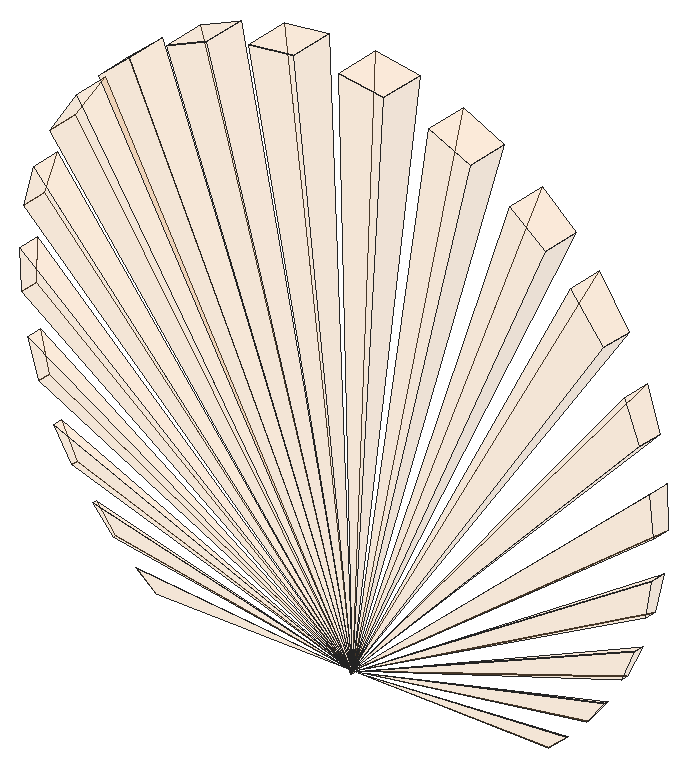
Revit family "Wall_Sensor-PIR-HCS-Switch", category Lighting Devices, host Face, Revit 2021
Family settings
  Host = Face
  Maintain Annotation Orientation = No
  Round Connector Dimension = Use Diameter
  Part Type = Normal
  OmniClass Number = 23.85.80.11.27
  OmniClass Title = Lighting Controls
  Cut with Voids When Loaded = No
  Shared = No
  Room Calculation Point = No
Parameters (values of type "LHIRS1")
  zz YesNo 2 = yes
  zz YesNo 1 = no
  zz Length 4 = 2.57"
  zz Length 3 = 1.70"
  zz Length 2 = 4.13"
  zz Length 1 = 1.72"
  Weight = 0.082 kg  # constant formula
  Wattage = 800 VA
  Warranty = "Five-year limited"  # constant formula
  Voltage = 120 V
  URL = "https://www.currentlighting.com/nxlightingcontrols"
  Type Comments = "Lighting Device"  # constant formula
  Time Delay = "4-30 minutes, self-adapts based on occupancy; Fixed mode: 4, 8, 15, and 30 minutes;Test mode: 5 seconds"  # constant formula
  Product Page URL = ""
  Product Material = Plastic -  Light Almond
  Product Documentation Link = ""
  Power Factor = 1
  Photocell = "Natural light override range: 10-500 foot-candles"  # constant formula
  Passive Infrared = "Dual-element pyrometer and 12-element cylindrical RhinoTuff lens"  # constant formula
  PIR Motion [instance] = yes
  Operating Temperature = "32° – 104°F (0° – 40°C)\r"  # constant formula
  Operating Mode = "Single Relay, One Button"
  Number of Poles = 1
  Mounting = "Single-gang NEMA-style switch box, Decorator-style wall plate sold separately"  # constant formula
  Model = "LHIRS1"
  Manufacturer = " NX Lighting Controls"  # constant formula
  Load Classification = Lighting
  Frequency = 60 Hz
  Electrical Ratings = "120VAC; 277VAC; 347VAC"  # constant formula
  Description = "LightHAWK®2 Passive Infrared Wall Switch Sensor"  # constant formula
  Default Elevation = 48.00"
  Coverage = "1,000 square-foot, 180° coverage area"  # constant formula
  Copyright = "Copyright © NX Lighting Controls"  # constant formula
  Contact Us = ""
  Connector Description 2 = "Controls"  # constant formula
  Connector Description 1 = "Power Supply"  # constant formula
  Certifications = "Listed UL and cUL"  # constant formula
  Assembly Code = "D5020120"
  Ambient Humidity Range = "0% to 95% Relative Humidity (non-condensing)"  # constant formula
Types (6): name | zz YesNo 2 | zz YesNo 1 | Operating Mode | Model
  LHIRS0 | no | no | "Single Relay, No Buttons" | "LHIRS0"
  LHIRS1 | yes | no | "Single Relay, One Button" | "LHIRS1"
  LHIRD0 | no | no | "Dual Relay(One Input / Two Outputs), No Buttons" | "LHIRD0"
  LHIRD2 | yes | yes | "Dual Relay(One Input / Two Outputs), Two Buttons" | "LHIRD2"
  LHDCIRD0 | no | no | "Dual Circuit(Two Inputs / Two Outputs), No Buttons" | "LHDCIRD0"
  LHDCIRD2 | yes | yes | "Dual Circuit(Two Inputs / Two Outputs), Two Buttons" | "LHDCIRD2"
Reference planes (in)
  plane 1 "Center (Front/Back)": y = 0
  plane 2: z = 0
  plane 3 "Center (Left/Right)": x = 0
  plane 4: x = -0.86
  plane 5: x = 0.86
  plane 6: y = 1.285
  plane 7: y = -1.285
  plane 8: x = 0.40844
  plane 9: x = -0.40844
  plane 10: y = 1.13865
  plane 11: y = 0.26347
  plane 12: y = -1.35
  plane 13: y = 1.35
  plane 14: z = 0.04
  plane 15: z = 0.57
  plane 16: x = 0.57326
  plane 17: x = -0.57326
  plane 18: y = -0.81751
  plane 19: y = -0.87944
  plane 20: z = -1.13
  plane 21: y = -0.45397
  plane 22: y = -0.246
  plane 23: y = -0.16212
  plane 24: y = 0.04585
  plane 25: x = 1.25
  plane 26: x = -1.25
  plane 27: y = 2
  plane 28: y = -2
  plane 29: z = 0.28666
  plane 30: x = -0.06
  plane 31: x = 0.06
Forms (in)
  Blend 1, solid, material "Plastic -  Light Almond" <- "Product Material"
    base sketch origin (0, 0, 0) x (1, 0, 0) y (0, 1, 0)
      loop
        line (-0.86, 1.35) -> (-0.86, -1.35) -> (0.86, -1.35) -> (0.86, 1.35) -> (-0.86, 1.35)
    top sketch origin (0, 0, 0) x (1, 0, 0) y (0, 1, 0)
      loop
        line (-0.65844, 1.285) -> (-0.65844, -1.285) -> (0.65844, -1.285) -> (0.65844, 1.285) -> (-0.65844, 1.285)
    from 0 to 0.57
  Extrusion 2, void
    sketch origin (0, 0, 0) x (1, 0, 0) y (0, 1, 0)
      loop
        line (-0.06, -0.81751) -> (-0.06, -0.87944) -> (0.06, -0.87944) -> (0.06, -0.81751) -> (-0.06, -0.81751)
    from 0.04 to 0.57
  Extrusion 3, solid, material "Plastic -  Light Almond" <- "Product Material"
    sketch origin (0, 0, 0) x (1, 0, 0) y (0, 0, 1)
      loop
        line (-0.86, 0) -> (-0.86, -1.13) -> (0.86, -1.13) -> (0.86, 0) -> (-0.86, 0)
    from -1.35 to 1.35
  Blend 4, solid, material "Plastic -  Light Almond" <- "Product Material"
    base sketch origin (0, 0, 0) x (1, 0, 0) y (0, 1, 0)
      loop
        line (-0.75844, 1.31875) -> (-0.75844, -1.31875) -> (0.75844, -1.31875) -> (0.75844, 1.31875) -> (-0.75844, 1.31875)
    top sketch origin (0, 0, 0) x (1, 0, 0) y (0, 1, 0)
      loop
        line (-1.25, 2) -> (-1.25, -2) -> (1.25, -2) -> (1.25, 2) -> (-1.25, 2)
    from 0.28666 to 0
Cuts and joins
  Extrusion 2 cuts Blend 1
Lines and regions (in)
  model lines, style "Model"
    curve 1: line (-0.40844, 1.13865, 0.57) -> (0.40844, 1.13865, 0.57)
    curve 2: line (0.40844, 0.26347, 0.57) -> (-0.40844, 0.26347, 0.57)
    curve 3: line (0.40844, 1.13865, 0.57) -> (0.40844, 0.26347, 0.57)
    curve 65: line (-0.40844, 1.13865, 0.57) -> (-0.40844, 0.26347, 0.57)
  model lines, style "Model", visible <- "zz YesNo 1"
    curve 4: line (-0.40844, 0.04585, 0.57) -> (0.40844, 0.04585, 0.57)
    curve 5: line (0.40844, -0.16212, 0.57) -> (-0.40844, -0.16212, 0.57)
    curve 6: line (0.40844, 0.04585, 0.57) -> (0.40844, -0.16212, 0.57)
    curve 66: line (-0.40844, -0.16212, 0.57) -> (-0.40844, 0.04585, 0.57)
  symbolic lines, style "Symbolic Lines"
    curve 7: line (0.86, 1.35, 0) -> (0.40844, 1.35, 0)
    curve 8: line (0.86, -1.35, 0) -> (0.86, 1.35, 0)
    curve 9: line (-0.86, 1.35, 0) -> (-0.86, -1.35, 0)
    curve 10: line (-0.40844, 1.35, 0) -> (-0.86, 1.35, 0)
    curve 11: line (0.40844, -1.35, 0) -> (0.86, -1.35, 0)
    curve 12: line (-0.40844, -1.35, 0) -> (-0.86, -1.35, 0)
    curve 13: line (0.86, 0, -1.13) -> (0.86, 0, 0)
    curve 14: line (-0.86, 0, 0) -> (-0.86, 0, -1.13)
    curve 15: line (-0.86, 0, -1.13) -> (0.86, 0, -1.13)
    curve 16: line (0.40844, 0, 0.57) -> (-0.40844, 0, 0.57)
    curve 17: arc (0.40844, 0, 0.57) -> (0.59136, 0, 0.52027) -> (0.72393, 0, 0.38478) r 0.36131
    curve 18: line (-0.72393, 0, 0.38478) -> (-0.86, 0, 0)
    curve 19: line (0.72393, 0, 0.38478) -> (0.86, 0, 0)
    curve 20: line (0, -1.35, -1.13) -> (0, 1.35, -1.13)
    curve 21: line (0, -1.35, 0) -> (0, -1.35, -1.13)
    curve 22: line (0, 1.35, -1.13) -> (0, 1.35, 0)
    curve 23: line (0, 1.35, 0) -> (0, 1.74291, 0)
    curve 24: line (0, 1.74291, 0) -> (0, 2.07051, 0)
    curve 25: line (0, -1.61273, 0) -> (0, -1.35, 0)
    curve 26: line (0, -1.94034, 0) -> (0, -1.61273, 0)
    curve 27: line (0, 2.07051, 0) -> (0, 1.74291, 0)
    curve 28: line (0, 1.74291, 0) -> (0, 1.35, 0)
    curve 29: line (0, -1.35, 0) -> (0, -1.61273, 0)
    curve 30: line (0, -1.61273, 0) -> (0, -1.94034, 0)
    curve 31: line (0, -0.58465, 0.57) -> (0, -0.58465, 0.53036)
    curve 32: line (0, -0.58465, 0.53036) -> (0, -0.6664, 0.53036)
    curve 33: line (0, -0.6664, 0.53036) -> (0, -0.6664, 0.57)
    curve 34: line (0, -0.71099, 0.57) -> (0, -0.71099, 0.53036)
    curve 35: line (0, -0.71099, 0.53036) -> (0, -0.77292, 0.53036)
    curve 36: line (0, -0.77292, 0.53036) -> (0, -0.77292, 0.57)
    curve 37: line (0, -0.81751, 0.53036) -> (0, -0.87944, 0.53036)
    curve 38: line (0, -0.87944, 0.53036) -> (0, -0.87944, 0.57)
    curve 39: line (0, -0.91659, 0.57) -> (0, -0.91659, 0.53036)
    curve 40: line (0, -1.01816, 0.53036) -> (0, -1.08504, 0.53036)
    curve 41: line (0, -1.01816, 0.57) -> (0, -1.01816, 0.53036)
    curve 42: line (0, -1.08504, 0.53036) -> (0, -1.08504, 0.57)
    curve 43: line (0, -0.58465, 0.57) -> (0, 1.285, 0.57)
    curve 44: line (0, -1.285, 0.57) -> (0, -1.08504, 0.57)
    curve 45: line (0, -1.01816, 0.57) -> (0, -0.981, 0.57)
    curve 46: line (0, -0.91659, 0.57) -> (0, -0.87944, 0.57)
    curve 47: line (0, -0.81751, 0.57) -> (0, -0.77292, 0.57)
    curve 48: line (0, -0.71099, 0.57) -> (0, -0.6664, 0.57)
    curve 49: line (0, 1.285, 0.57) -> (0, 1.35, 0)
    curve 50: line (0, -1.285, 0.57) -> (0, -1.35, 0)
    curve 54: line (-0.86, 1.35, 0) -> (0.86, 1.35, 0)
    curve 55: line (-0.86, -1.35, 0) -> (-0.86, 1.35, 0)
    curve 56: line (0.86, -1.35, 0) -> (-0.86, -1.35, 0)
    curve 57: line (0.86, 1.35, 0) -> (0.86, -1.35, 0)
    curve 64: arc (-0.40844, 0, 0.57) -> (-0.59136, 0, 0.52027) -> (-0.72393, 0, 0.38478) r 0.36131
    curve 71: line (-1.25, 2, 0) -> (1.25, 2, 0)
    curve 72: line (-1.25, -2, 0) -> (-1.25, 2, 0)
    curve 73: line (1.25, -2, 0) -> (-1.25, -2, 0)
    curve 74: line (1.25, 2, 0) -> (1.25, -2, 0)
  model lines, style "Model", visible <- "zz YesNo 2"
    curve 51: line (-0.40844, -0.246, 0.57) -> (0.40844, -0.246, 0.57)
    curve 52: line (0.40844, -0.45397, 0.57) -> (-0.40844, -0.45397, 0.57)
    curve 53: line (0.40844, -0.246, 0.57) -> (0.40844, -0.45397, 0.57)
    curve 67: line (-0.40844, -0.246, 0.57) -> (-0.40844, -0.45397, 0.57)
  reference lines
    curve 58: line (-0.73803, 0, 0.57) -> (-0.73803, 0, 0.36887)
    curve 59: line (-0.73803, 0, 0.57) -> (-0.40844, 0, 0.57)
    curve 60: arc (-0.73803, 0, 0.36887) -> (-0.60149, 0, 0.51575) -> (-0.40844, 0, 0.57) r 0.37062
    curve 61: line (0.73803, 0, 0.57) -> (0.73803, 0, 0.36887)
    curve 62: line (0.73803, 0, 0.57) -> (0.40844, 0, 0.57)
    curve 63: arc (0.73803, 0, 0.36887) -> (0.60149, 0, 0.51575) -> (0.40844, 0, 0.57) r 0.37062
  symbolic lines
    curve 68: line (0, -0.91659, 0.53036) -> (0, -0.981, 0.53036)
    curve 69: line (0, -0.981, 0.53036) -> (0, -0.981, 0.57)
    curve 70: line (0, -0.81751, 0.53036) -> (0, -0.81751, 0.57)
    curve 79: line (1.25, 0, 0) -> (-1.25, 0, 0)
    curve 80: line (-1.25, 0, 0) -> (-0.75868, 0, 0.28651)
    curve 81: line (1.25, 0, 0) -> (0.75868, 0, 0.28651)
  symbolic lines, style "Symbolic Lines", detail levels fine
    curve 75: line (-0.86, 1.35, 0) -> (-1.25, 2, 0)
    curve 76: line (0.86, 1.35, 0) -> (1.25, 2, 0)
    curve 77: line (-0.86, -1.35, 0) -> (-1.25, -2, 0)
    curve 78: line (0.86, -1.35, 0) -> (1.25, -2, 0)
Dimensions and locks (in)
  "zz Length 1": plane 4 to plane 5
  equal spacing: plane 6, plane 1 "Center (Front/Back)", plane 7
  "zz Length 4": plane 6 to plane 7
  locked: plane 14 to level at 0.04
  locked: plane 15 to plane 14 at 0.53
  "zz Length 3": plane 15 to plane 20
  equal spacing: plane 4, plane 3 "Center (Left/Right)", plane 5
  plane 17 to plane 9 to plane 3 "Center (Left/Right)" to plane 8 to plane 16 = 0.16482" locked, 0.40844" locked, 0.40844" locked, 0.16482" locked
  locked: plane 18 to plane 19 at 0.06193
  plane 1 "Center (Front/Back)" to plane 11 to plane 10 to plane 6 to plane 13 = 0.26347", 0.87519", 0.14635", 0.065"
  plane 24 to plane 23 to plane 22 to plane 21 = 0.20797" locked, 0.08388" locked, 0.20797" locked
  plane 13 to plane 1 "Center (Front/Back)" to plane 12 = 1.35" locked, 1.35" locked
  equal spacing: plane 26, plane 3 "Center (Left/Right)", plane 25, locked at 1.25 each
  equal spacing: plane 27, plane 1 "Center (Front/Back)", plane 28, locked at 2 each
  locked: plane 29 to plane 2 at 0.28666
  locked: plane 30 to plane 31 at 0.12
  aligned and locked: plane 2 to host face
  aligned and locked: level to host face
  aligned and locked: Blend 1 sketch curve to plane 6
  aligned and locked: Blend 1 sketch curve to plane 7
  aligned and locked: plane 15 to Blend 1
  aligned and locked: curve 1 to plane 10
  aligned and locked: plane 11 to curve 2
  aligned and locked: plane 8 to curve 6
  aligned and locked: Extrusion 2 sketch curve to plane 18
  aligned and locked: plane 19 to Extrusion 2 sketch curve
  aligned and locked: plane 8 to curve 3
  aligned and locked: plane 20 to Extrusion 3 sketch curve
  aligned and locked: plane 5 to Extrusion 3 sketch curve
  aligned and locked: plane 13 to Extrusion 3
  aligned and locked: plane 12 to Extrusion 3
  aligned and locked: nested 1 to plane 1 "Center (Front/Back)"
  aligned and locked: plane 3 "Center (Left/Right)" to nested 1
  aligned and locked: plane 5 to Blend 1 sketch curve
  aligned and locked: Blend 1 sketch curve to plane 12
  aligned and locked: plane 4 to Blend 1 sketch curve
  aligned and locked: Blend 1 sketch curve to plane 13
  aligned and locked: Extrusion 3 to plane 4
  aligned and locked: Extrusion 3 to plane 20
  aligned and locked: Extrusion 3 to plane 5
  aligned and locked: host face to Extrusion 3
  aligned and locked: plane 12 to curve 11
  aligned and locked: curve 12 to plane 12
  aligned and locked: cut or joined group of Blend 1, Extrusion 2 to curve 18
  aligned and locked: curve 19 to cut or joined group of Blend 1, Extrusion 2
  aligned and locked: plane 15 to curve 43
  aligned and locked: curve 44 to cut or joined group of Blend 1, Extrusion 2
  aligned and locked: curve 46 to plane 15
  aligned and locked: curve 47 to plane 15
  aligned and locked: curve 48 to plane 15
  aligned and locked: plane 15 to curve 45
  aligned and locked: curve 49 to cut or joined group of Blend 1, Extrusion 2
  aligned and locked: cut or joined group of Blend 1, Extrusion 2 to curve 50
  aligned and locked: Blend 1 to level
  aligned and locked: plane 21 to curve 52
  aligned and locked: plane 22 to curve 51
  aligned and locked: plane 23 to curve 5
  aligned and locked: plane 24 to curve 4
  aligned and locked: plane 5 to curve 57
  aligned and locked: curve 54 to plane 13
  aligned and locked: curve 56 to plane 12
  aligned and locked: plane 4 to curve 55
  aligned and locked: curve 65 to plane 9
  aligned and locked: plane 9 to curve 66
  aligned and locked: curve 67 to plane 9
  aligned and locked: plane 8 to curve 53
  aligned and locked: curve 13 to plane 5
  aligned and locked: curve 70 to plane 18
  aligned and locked: curve 38 to plane 19
  aligned and locked: curve 22 to plane 13
  aligned and locked: plane 20 to curve 20
  aligned and locked: curve 21 to plane 12
  aligned and locked: plane 29 to Blend 4
  aligned and locked: Blend 4 to plane 2
  aligned and locked: plane 26 to Blend 4 sketch curve
  aligned and locked: Blend 4 sketch curve to plane 27
  aligned and locked: plane 25 to Blend 4 sketch curve
  aligned and locked: Blend 4 sketch curve to plane 28
  aligned and locked: curve 71 to Blend 4
  aligned and locked: curve 72 to Blend 4
  aligned and locked: curve 73 to Blend 4
  aligned and locked: curve 74 to Blend 4
  aligned and locked: cut or joined group of Blend 1, Extrusion 2 to plane 30
  aligned and locked: cut or joined group of Blend 1, Extrusion 2 to plane 31
Automatic sketch dimensions
  host sketch curve to host sketch curve = 96.00"  (x2)
  Extrusion 3 sketch curve to plane 4 = 0.00"
  Extrusion 3 sketch curve to level = 0.00"
  curve 59 to plane 15 = 0.00"
  curve 60 to plane 9 = 0.00"
  curve 59 to plane 9 = 0.00"
  plane 8 to curve 63 = 0.00"
  plane 8 to curve 62 = 0.00"
  curve 61 to plane 15 = 0.00"
  curve 60 to plane 15 = 0.00"
  curve 63 to plane 15 = 0.00"
  plane 4 to curve 58 = 0.12197"
  plane 5 to curve 61 = 0.12197"
  curve 60 to curve 58 = 0.20113"
  curve 61 to curve 61 = 0.20113"
  curve 29 to curve 21 = 0.26273"
  curve 26 to curve 25 = 0.32761"
  curve 30 to curve 26 = 0.00"
  plane 13 to curve 28 = 0.39291"
  curve 23 to curve 27 = 0.32761"
  curve 24 to curve 27 = 0.00"
  curve 32 to plane 15 = 0.03964"
  curve 69 to plane 15 = 0.03964"
  curve 34 to plane 15 = 0.03964"
  curve 37 to plane 15 = 0.03964"
  curve 40 to curve 68 = 0.00"
  Blend 1 sketch curve to plane 16 = 0.08518"
  Blend 1 sketch curve to plane 17 = 0.08518"
  Blend 4 sketch curve to plane 12 = 0.03125"
  plane 4 to Blend 4 sketch curve = 0.10156"
  plane 5 to Blend 4 sketch curve = 0.10156"
  Blend 4 sketch curve to plane 13 = 0.03125"
  curve 7 to plane 8 = 0.00"
  curve 11 to plane 8 = 0.00"
  curve 79 to level = 0.00"
  curve 79 to plane 26 = 0.00"
  curve 14 to plane 4 = 0.00"
  curve 64 to plane 9 = 0.00"
  plane 8 to curve 17 = 0.00"
  plane 25 to curve 81 = 0.00"
  curve 15 to plane 20 = 0.00"
  curve 64 to plane 15 = 0.00"
  plane 4 to curve 18 = 0.13607"
  plane 5 to curve 19 = 0.13607"
  curve 80 to plane 29 = 0.00014"
  curve 81 to plane 29 = 0.00014"
  Extrusion 2 sketch curve to plane 3 "Center (Left/Right)" = 0.06"
  plane 3 "Center (Left/Right)" to Extrusion 2 sketch curve = 0.06"
  curve 34 to curve 33 = 0.04459"
  curve 33 to curve 31 = 0.08175"
  curve 37 to curve 36 = 0.04459"
  curve 36 to curve 34 = 0.06193"
  curve 42 to plane 7 = 0.19996"
  curve 40 to curve 41 = 0.06688"
  curve 41 to curve 45 = 0.03716"
  curve 39 to plane 19 = 0.03716"
  curve 10 to plane 9 = 0.00"
  curve 12 to plane 9 = 0.00"
Nested families (in)
  nested 1: "Field of View-Dual" at (0, 0, 0), type "Field of View-Dual"
    with PIR Motion yes
Connectors (in)
  electrical at (0, 0, 0), driven by "Connector Description 2"
    settings: on Extrusion 3, index 2, voltage 0 V, apparent load 0 VA, apparent load phase1 0 VA, apparent load phase2 0 VA, apparent load phase3 0 VA, power factor 1, load classification "Other", number of poles 1, system type 13, power factor state 1, is connector primary yes, connector utility no, sub classification motor no, connector description "Controls"
  electrical at (0, 0, -1.13), driven by "Voltage", driven by "Wattage", driven by "Power Factor", driven by "Load Classification", driven by "Connector Description 1", driven by "Number of Poles"
    settings: on Extrusion 3, index 3, voltage 120 V, apparent load 800 VA, apparent load phase1 0 VA, apparent load phase2 0 VA, apparent load phase3 0 VA, power factor 1, load classification "Lighting", number of poles 1, system type 30, power factor state 1, is connector primary no, connector utility no, sub classification motor no, connector description "Power Supply"
Definition of nested family "Field of View-Dual"
  Parameters
    PIR Motion = no
    Default Elevation = 0.00"
  Reference planes (in)
    plane 1 "Center (Front/Back)": y = 0
    plane 2: z = 0
    plane 3 "Center (Left/Right)": x = 0
    plane 4: z = 600
    plane 5: x = 336
    plane 6: x = -336
    plane 7: y = -48
    plane 8: z = 240
    plane 9: x = -144
    plane 10: x = 144
  Forms (in)
    Extrusion 1, solid, visible <- "PIR Motion"
      sketch origin (0, 0, 0) x (1, 0, 0) y (0, 0, 1)
        loop
          arc (-0.855, 0) -> (-0.85431, 0.03443) -> (-0.85223, 0.0688) r 0.855
          line (-0.85223, 0.0688) -> (-229.48381, 18.52585)
          arc (-229.48381, 18.52585) -> (-218.89257, 9.03458) -> (-207.90916, 0) r 336
          line (-207.90916, 0) -> (-0.855, 0)
        loop
          arc (-0.84393, 0.13715) -> (-0.83772, 0.17102) -> (-0.83016, 0.20461) r 0.855
          line (-0.83016, 0.20461) -> (-272.311, 67.11863)
          arc (-272.311, 67.11863) -> (-262.09605, 53.70843) -> (-251.22137, 40.82745) r 336
          line (-251.22137, 40.82745) -> (-0.84393, 0.13715)
        loop
          arc (-0.811, 0.27075) -> (-0.79944, 0.30319) -> (-0.78658, 0.33513) r 0.855
          line (-0.78658, 0.33513) -> (-308.82637, 131.57862)
          arc (-308.82637, 131.57862) -> (-300.81456, 114.262) -> (-291.83272, 97.42808) r 336
          line (-291.83272, 97.42808) -> (-0.811, 0.27075)
        loop
          arc (-0.75706, 0.39734) -> (-0.74045, 0.4275) -> (-0.72264, 0.45697) r 0.855
          line (-0.72264, 0.45697) -> (-331.58886, 209.68409)
          arc (-331.58886, 209.68409) -> (-327.60082, 189.29312) -> (-322.36009, 169.18763) r 336
          line (-322.36009, 169.18763) -> (-0.75706, 0.39734)
        loop
          arc (-0.68352, 0.51363) -> (-0.66229, 0.54074) -> (-0.63998, 0.56697) r 0.855
          line (-0.63998, 0.56697) -> (-334.44022, 296.28818)
          arc (-334.44022, 296.28818) -> (-335.83949, 274.33472) -> (-335.79923, 252.33675) r 336
          line (-335.79923, 252.33675) -> (-0.68352, 0.51363)
        loop
          arc (-0.59228, 0.61663) -> (-0.56697, 0.63998) -> (-0.54074, 0.66229) r 0.855
          line (-0.54074, 0.66229) -> (-313.7274, 384.24631)
          arc (-313.7274, 384.24631) -> (-321.17747, 362.64701) -> (-327.14241, 340.59133) r 336
          line (-327.14241, 340.59133) -> (-0.59228, 0.61663)
        loop
          arc (-0.4857, 0.70365) -> (-0.45697, 0.72264) -> (-0.4275, 0.74045) r 0.855
          line (-0.4275, 0.74045) -> (-262.55102, 473.6238)
          arc (-262.55102, 473.6238) -> (-279.38682, 450.60243) -> (-294.20961, 426.23621) r 336
          line (-294.20961, 426.23621) -> (-0.4857, 0.70365)
        loop
          arc (-0.36653, 0.77245) -> (-0.33513, 0.78658) -> (-0.30319, 0.79944) r 0.855
          line (-0.30319, 0.79944) -> (-201.94678, 532.4899)
          arc (-201.94678, 532.4899) -> (-220.45456, 517.51648) -> (-237.85564, 501.27015) r 336
          line (-237.85564, 501.27015) -> (-0.36653, 0.77245)
        loop
          arc (-0.23788, 0.82124) -> (-0.20461, 0.83016) -> (-0.17102, 0.83772) r 0.855
          line (-0.17102, 0.83772) -> (-118.10358, 578.50962)
          arc (-118.10358, 578.50962) -> (-140.28939, 569.26147) -> (-161.75728, 558.4509) r 336
          line (-161.75728, 558.4509) -> (-0.23788, 0.82124)
        loop
          arc (-0.10306, 0.84877) -> (-0.0688, 0.85223) -> (-0.03443, 0.85431) r 0.855
          line (-0.03443, 0.85431) -> (-24.14217, 599.08189)
          arc (-24.14217, 599.08189) -> (-48.14643, 596.48292) -> (-71.90208, 592.16687) r 336
          line (-71.90208, 592.16687) -> (-0.10306, 0.84877)
        loop
          line (0.23788, 0.82124) -> (161.75728, 558.4509)
          arc (161.75728, 558.4509) -> (140.28939, 569.26147) -> (118.10358, 578.50962) r 336
          line (118.10358, 578.50962) -> (0.17102, 0.83772)
          arc (0.17102, 0.83772) -> (0.20461, 0.83016) -> (0.23788, 0.82124) r 0.855
        loop
          line (0.10306, 0.84877) -> (71.90208, 592.16687)
          arc (71.90208, 592.16687) -> (48.14643, 596.48292) -> (24.14217, 599.08189) r 336
          line (24.14217, 599.08189) -> (0.03443, 0.85431)
          arc (0.03443, 0.85431) -> (0.0688, 0.85223) -> (0.10306, 0.84877) r 0.855
        loop
          line (0.855, 0) -> (207.90916, 0)
          arc (207.90916, 0) -> (218.89257, 9.03458) -> (229.48381, 18.52585) r 336
          line (229.48381, 18.52585) -> (0.85223, 0.0688)
          arc (0.85223, 0.0688) -> (0.85431, 0.03443) -> (0.855, 0) r 0.855
        loop
          line (0.84393, 0.13715) -> (251.22137, 40.82745)
          arc (251.22137, 40.82745) -> (262.09605, 53.70843) -> (272.311, 67.11863) r 336
          line (272.311, 67.11863) -> (0.83016, 0.20461)
          arc (0.83016, 0.20461) -> (0.83772, 0.17102) -> (0.84393, 0.13715) r 0.855
        loop
          line (0.811, 0.27075) -> (291.83272, 97.42808)
          arc (291.83272, 97.42808) -> (300.81456, 114.262) -> (308.82637, 131.57862) r 336
          line (308.82637, 131.57862) -> (0.78658, 0.33513)
          arc (0.78658, 0.33513) -> (0.79944, 0.30319) -> (0.811, 0.27075) r 0.855
        loop
          line (0.75706, 0.39734) -> (322.36009, 169.18763)
          arc (322.36009, 169.18763) -> (327.60082, 189.29312) -> (331.58886, 209.68409) r 336
          line (331.58886, 209.68409) -> (0.72264, 0.45697)
          arc (0.72264, 0.45697) -> (0.74045, 0.4275) -> (0.75706, 0.39734) r 0.855
        loop
          line (0.68352, 0.51363) -> (335.79923, 252.33675)
          arc (335.79923, 252.33675) -> (335.83949, 274.33472) -> (334.44022, 296.28818) r 336
          line (334.44022, 296.28818) -> (0.63998, 0.56697)
          arc (0.63998, 0.56697) -> (0.66229, 0.54074) -> (0.68352, 0.51363) r 0.855
        loop
          line (0.59228, 0.61663) -> (327.14241, 340.59133)
          arc (327.14241, 340.59133) -> (321.17747, 362.64701) -> (313.7274, 384.24631) r 336
          line (313.7274, 384.24631) -> (0.54074, 0.66229)
          arc (0.54074, 0.66229) -> (0.56697, 0.63998) -> (0.59228, 0.61663) r 0.855
        loop
          line (0.4857, 0.70365) -> (294.20961, 426.23621)
          arc (294.20961, 426.23621) -> (279.38682, 450.60243) -> (262.55102, 473.6238) r 336
          line (262.55102, 473.6238) -> (0.4275, 0.74045)
          arc (0.4275, 0.74045) -> (0.45697, 0.72264) -> (0.4857, 0.70365) r 0.855
        loop
          line (0.36653, 0.77245) -> (237.85564, 501.27015)
          arc (237.85564, 501.27015) -> (220.45456, 517.51648) -> (201.94678, 532.4899) r 336
          line (201.94678, 532.4899) -> (0.30319, 0.79944)
          arc (0.30319, 0.79944) -> (0.33513, 0.78658) -> (0.36653, 0.77245) r 0.855
      from -0.5 to 48.048
    Extrusion 2, void
      sketch origin (0, 0, 0) x (0, 1, 0) y (0, 0, 1)
        loop
          line (-48.048, 0) -> (0.46846, 0) -> (-48.048, 600) -> (-48.048, 0)
      from -411.56279 to 424.17576
  Cuts and joins
    Extrusion 2 cuts Extrusion 1
  Dimensions and locks (in)
    plane 5 to plane 3 "Center (Left/Right)" to plane 6 = 336.00", 336.00"
    plane 1 "Center (Front/Back)" to plane 7 = 48.00"
    plane 8 to cut or joined group of Extrusion 1, Extrusion 2 = 240.00"
    plane 10 to plane 3 "Center (Left/Right)" to plane 9 = 144.00", 144.00"
    plane 4 to cut or joined group of Extrusion 1, Extrusion 2 = 600.00"
    aligned and locked: plane 2 to level
